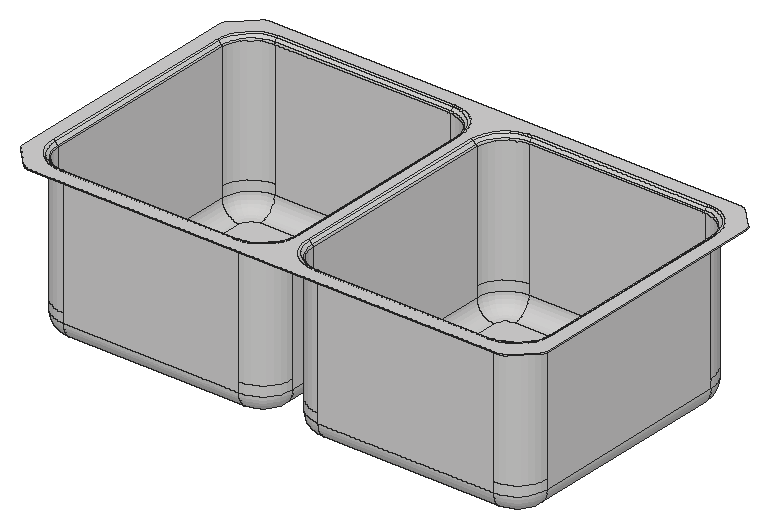
Revit family "Sink-Undermount-Kitchen-KOHLER-Undertone-K-3171_1", category Plumbing Fixtures, host Face, Revit 2017
Family settings
  Host = Face
  Round Connector Dimension = Use Diameter
  Part Type = Normal
  OmniClass Number = 23.31.13.00
  OmniClass Title = Sinks
  Cut with Voids When Loaded = No
  Shared = No
  Room Calculation Point = No
Parameters (values of type "Without Sink Rack, NA-Stainless")
  Width = 18"  # constant formula
  WaterSense Certified = 1 = 0  # no
  Waste Water Outlet 2 = "Waste Water Outlet 2"  # constant formula
  Waste Water Outlet 1 = "Waste Water Outlet 1"  # constant formula
  Waste Water Outlet = "Waste Water Outlet"  # constant formula
  Waste Connection = 1 = 1  # yes
  Vent Connection = 1 = 0  # no
  URL = "https://www.us.kohler.com/us/"
  Type = 1
  Sink Rack = Type = 2  # no
  Product Page URL = "http://www.us.kohler.com/us/catalog/productDetails.jsp?productId=3171"
  Product Name = if(Type = 1, "Undertone", if(Type = 2, "Undertone Preserve", "NA"))  # "Undertone"
  Product Documentation Link = "https://www.us.kohler.com/webassets/kpna/catalog/pdf/en/K-3171_spec_US-CA_Kohler_en.pdf"
  Model = if(Type = 1, "K-3171-NA", if(Type = 2, "K-3171-HCF-NA", "NA"))  # "K-3171-NA"
  Material = "Premium 18-Gauge Stainless Steel"  # constant formula
  Master Format 2014 Name = "Residential Lavatories and Sinks"  # constant formula
  Master Format 2014 = "22 41 16"  # constant formula
  Manufacturer Address = "444 Highland Dr, Kohler, WI 53044"  # constant formula
  Manufacturer = "KOHLER Co."  # constant formula
  Length = 31 1/2"  # constant formula
  Hot Water Inlet = "Hot Water Inlet"  # constant formula
  Height = 9 3/4"  # constant formula
  HW Connection = 1 = 0  # no
  Finish = Kohler-Metal-NA-Stainless
  Environmental Product Declaration = ""
  Drain Included = 1 = 0  # no
  Description = "31-1/2inch x 18inch x 9-3/4inch Undermount double-equal bowl kitchen sink"  # constant formula
  Default Elevation = 36"
  Declare Label = ""
  Date Modified = "09/23/2020"  # constant formula
  Date Created = "09/23/2020"  # constant formula
  Copyright = "Copyright KOHLER Co."  # constant formula
  Contact Us = "https://www.us.kohler.com/us/static/contact.jsp"
  Cold Water Inlet = "Cold Water Inlet"  # constant formula
  CW Connection = 1 = 0  # no
  Assembly Code = "D2010400"
  ADA Compliant = 1 = 0  # no
Reference planes (in)
  plane 1 "Center (Front/Back)": y = 0
  plane 2: z = 0
  plane 3 "Center (Left/Right)": x = 0
  plane 4: z = -1
  plane 5: y = 2.875
  plane 6: x = -15.75
  plane 7: y = 9
  plane 8: x = 15.75
  plane 9: y = -9
  plane 10: y = -7.875
  plane 11: y = 7.875
  plane 12: x = 7.625
  plane 13: x = -7.625
  plane 14: z = -10.75
  plane 15: y = 7.92455
  plane 16: y = -7.92455
Forms (in)
  Extrusion 1, void
    sketch origin (0, 0, 0) x (1, 0, 0) y (0, 1, 0)
      loop
        line (13.15372, 8.15411) -> (-13.15372, 8.15411)
        arc (-13.15372, 8.15411) -> (-14.39116, 7.64154) -> (-14.90372, 6.40411) r 1.75
        line (-14.90372, 6.40411) -> (-14.90372, -6.40411)
        arc (-14.90372, -6.40411) -> (-14.39116, -7.64154) -> (-13.15372, -8.15411) r 1.75
        line (-13.15372, -8.15411) -> (13.15372, -8.15411)
        arc (13.15372, -8.15411) -> (14.39116, -7.64154) -> (14.90372, -6.40411) r 1.75
        line (14.90372, -6.40411) -> (14.90372, 6.40411)
        arc (14.90372, 6.40411) -> (14.39116, 7.64154) -> (13.15372, 8.15411) r 1.75
    from 0 to -1
  Extrusion 2, void
    sketch origin (0, 0, 0) x (1, 0, 0) y (0, 1, 0)
      loop
        arc (-15.75, -7.39147) -> (-15.71194, -7.58281) -> (-15.60355, -7.74502) r 0.5
        line (-15.60355, -7.74502) -> (-14.50306, -8.84552)
        arc (-14.50306, -8.84552) -> (-14.33195, -8.95985) -> (-14.1301, -9) r 0.52744
        line (-14.1301, -9) -> (14.1301, -9)
        arc (14.1301, -9) -> (14.33195, -8.95985) -> (14.50306, -8.84552) r 0.52744
        line (14.50306, -8.84552) -> (15.60355, -7.74502)
        arc (15.60355, -7.74502) -> (15.71194, -7.58281) -> (15.75, -7.39147) r 0.5
        line (15.75, -7.39147) -> (15.75, 7.39147)
        arc (15.75, 7.39147) -> (15.71194, 7.58281) -> (15.60355, 7.74502) r 0.5
        line (15.60355, 7.74502) -> (14.50306, 8.84552)
        arc (14.50306, 8.84552) -> (14.33195, 8.95985) -> (14.1301, 9) r 0.52744
        line (14.1301, 9) -> (-14.1301, 9)
        arc (-14.1301, 9) -> (-14.33195, 8.95985) -> (-14.50306, 8.84552) r 0.52744
        line (-14.50306, 8.84552) -> (-15.60355, 7.74502)
        arc (-15.60355, 7.74502) -> (-15.71194, 7.58281) -> (-15.75, 7.39147) r 0.5
        line (-15.75, 7.39147) -> (-15.75, -7.39147)
    from -1 to -10.85658
Dimensions and locks (in)
  host face to plane 4 = 1"
  "Length": plane 6 to plane 8
  locked: plane 13 to plane 12 at 15.25
  locked: plane 6 to plane 13 at 8.125
  plane 12 to plane 8 = 8 1/8"
  locked: plane 7 to plane 5 at 6.125
  locked: plane 11 to plane 7 at 1.125
  "Width": plane 9 to plane 7
  locked: plane 1 "Center (Front/Back)" to plane 7 at 9
  locked: level to plane 4 at 1
  "Height": plane 14 to plane 4
  aligned and locked: plane 2 to host face
  aligned and locked: level to host face
  aligned and locked: plane 4 to nested 1
Automatic sketch dimensions
  host sketch curve to host sketch curve = 96"  (x2)
  Extrusion 1 sketch curve to plane 6 = 0.84628"
  Extrusion 1 sketch curve to Extrusion 1 sketch curve = 1 3/4"  (x2)
  Extrusion 1 sketch curve to plane 10 = 0.27911"
  Extrusion 1 sketch curve to plane 8 = 2.59628"  (x2)
  Extrusion 1 sketch curve to plane 8 = 0.84628"
  plane 11 to Extrusion 1 sketch curve = 1.47089"
  Extrusion 2 sketch curve to plane 6 = 0"
  plane 9 to Extrusion 2 sketch curve = 0"
  plane 7 to Extrusion 2 sketch curve = 0"
  Extrusion 2 sketch curve to plane 8 = 0"
  Extrusion 2 sketch curve to plane 6 = 0.14645"  (x2)
  Extrusion 2 sketch curve to Extrusion 2 sketch curve = 1/2"  (x3)
  Extrusion 2 sketch curve to Extrusion 2 sketch curve = 0.35355"
  Extrusion 2 sketch curve to plane 9 = 0.15448"  (x2)
  Extrusion 2 sketch curve to plane 6 = 1.24694"  (x2)
  plane 7 to Extrusion 2 sketch curve = 0.15448"  (x2)
  Extrusion 2 sketch curve to Extrusion 2 sketch curve = 0.37296"  (x3)
  Extrusion 2 sketch curve to plane 8 = 1.6199"  (x2)
  plane 7 to Extrusion 2 sketch curve = 0.52744"
  Extrusion 2 sketch curve to plane 8 = 0.14645"  (x2)
  plane 10 to Extrusion 2 sketch curve = 0.12998"  (x2)
  plane 11 to Extrusion 2 sketch curve = 0.48353"  (x2)
Nested families (in)
  nested 1: "K-3171" at (0, 2.875, -1), type "K-3171"
Connectors (in)
  piping at (-7.625, 2.875, -10.75), diameter 1.5, driven by "Waste Connection", driven by "Waste Water Outlet 1"
    settings: on nested 1, index 1, connector inside diameter 24", connector length 0", flow factor 0, pipe flow 0 GPM, pressure drop 0.00 psi, fitting loss kfactor 0, connector angle 0.00°, fixture units 0, engagement length 0", angle of deflection 0.00°, flow configuration 0, flow direction 2, fitting loss method 0, system type 16, joint type 0, gender type 0, connector reference index -1, connector utility 1, adjustable connector no, is connector primary yes, connector description "Waste Water Outlet 1"
  piping at (7.625, 2.875, -10.75), diameter 1.5, driven by "Waste Connection", driven by "Waste Water Outlet 2"
    settings: on nested 1, index 2, connector inside diameter 24", connector length 0", flow factor 0, pipe flow 0 GPM, pressure drop 0.00 psi, fitting loss kfactor 0, connector angle 0.00°, fixture units 0, engagement length 0", angle of deflection 0.00°, flow configuration 0, flow direction 2, fitting loss method 0, system type 16, joint type 0, gender type 0, connector reference index -1, connector utility 1, adjustable connector no, is connector primary no, connector description "Waste Water Outlet 2"
Definition of nested family "K-3171"
  Parameters (values of type "K-3171")
    Sink_Rack_Lines = not(Sink_Rack)  # no
    Sink_Rack = yes
    Material = none
  Reference planes (in)
    plane 1 "Center (Front/Back)": y = 0
    plane 2: z = 0
    plane 3 "Center (Left/Right)": x = 0
    plane 4: x = -15.75
    plane 5: x = 15.75
    plane 6: y = 6.125
    plane 7: y = 5
    plane 8: y = -11.875
    plane 9: y = -2.875
    plane 10 "A": x = -7.625
    plane 11: x = 7.625
    plane 12 "sink Top": z = -1
    plane 13: z = -9.75
    plane 14: y = -10.75
    plane 15: y = 2.36831
    plane 16: z = 0
    plane 17: y = 5.04955
    plane 18: y = -10.79955
    plane 19 "Sink Bottom": z = -8.81801
  Forms (in)
    Sweep 1, solid, material <- "Material", detail levels medium+fine
      path origin (0, 0, 0) x (1, 0, 0) y (0, 1, 0)
        loop
          arc (-12.875, 5) -> (-14.11244, 4.48744) -> (-14.625, 3.25) r 1.75
          line (-14.625, 3.25) -> (-14.625, -9)
          arc (-14.625, -9) -> (-14.11244, -10.23744) -> (-12.875, -10.75) r 1.75
          line (-12.875, -10.75) -> (-2.375, -10.75)
          arc (-2.375, -10.75) -> (-1.13756, -10.23744) -> (-0.625, -9) r 1.75
          line (-0.625, -9) -> (-0.625, 3.25)
          arc (-0.625, 3.25) -> (-1.13756, 4.48744) -> (-2.375, 5) r 1.75
          line (-2.375, 5) -> (-12.875, 5)
      profile origin (-7.625, 5, 0) x (0, 1, 0) y (0, 0, 1)
        loop
          line (0.04898, -7.78987) -> (0.04898, -0.31269)
          arc (0.04898, -0.31269) -> (0.05703, -0.27224) -> (0.07994, -0.23794) r 0.10571
          line (0.07994, -0.23794) -> (0.24029, -0.07759)
          arc (0.24029, -0.07759) -> (0.27307, -0.05569) -> (0.31173, -0.048) r 0.10102
          line (0.31173, -0.048) -> (0.34849, -0.048) -> (0.34849, 0) -> (0.31626, 0)
          arc (0.31626, 0) -> (0.25504, -0.01218) -> (0.20315, -0.04685) r 0.15996
          line (0.20315, -0.04685) -> (0.04381, -0.20619)
          arc (0.04381, -0.20619) -> (0.01211, -0.25363) -> (0.00098, -0.30959) r 0.14623
          line (0.00098, -0.30959) -> (0.00098, -7.78987) -> (0.00098, -8.39627)
          arc (0.00098, -8.39627) -> (-0.30248, -9.12889) -> (-1.0351, -9.43235) r 1.03608
          line (-1.0351, -9.43235) -> (-1.16677, -9.43235) -> (-1.16677, -9.47927) -> (-1.06561, -9.47927)
          arc (-1.06561, -9.47927) -> (-0.27748, -9.15282) -> (0.04898, -8.36468) r 1.11459
          line (0.04898, -8.36468) -> (0.04898, -7.78987)
    Extrusion 2, solid, material <- "Material", detail levels medium+fine
      sketch origin (0, 0, 0) x (1, 0, 0) y (0, 1, 0)
        loop
          arc (-12.875, 3.83323) -> (-13.28741, 3.66241) -> (-13.45823, 3.25) r 0.58323
          line (-13.45823, 3.25) -> (-13.45823, -9)
          arc (-13.45823, -9) -> (-13.28741, -9.41241) -> (-12.875, -9.58323) r 0.58323
          line (-12.875, -9.58323) -> (-2.375, -9.58323)
          arc (-2.375, -9.58323) -> (-1.96259, -9.41241) -> (-1.79177, -9) r 0.58323
          line (-1.79177, -9) -> (-1.79177, 3.25)
          arc (-1.79177, 3.25) -> (-1.96259, 3.66241) -> (-2.375, 3.83323) r 0.58323
          line (-2.375, 3.83323) -> (-12.875, 3.83323)
      from -9.43235 to -9.47927
    Blend 3, solid, material <- "Material", detail levels medium+fine
      base sketch origin (0, 0, 0) x (1, 0, 0) y (0, 1, 0)
        loop
          line (-2.375, 3.83323) -> (-12.875, 3.83323)
          arc (-12.875, 3.83323) -> (-13.28741, 3.66241) -> (-13.45823, 3.25) r 0.58323
          line (-13.45823, 3.25) -> (-13.45823, -9)
          arc (-13.45823, -9) -> (-13.28741, -9.41241) -> (-12.875, -9.58323) r 0.58323
          line (-12.875, -9.58323) -> (-2.375, -9.58323)
          arc (-2.375, -9.58323) -> (-1.96259, -9.41241) -> (-1.79177, -9) r 0.58323
          line (-1.79177, -9) -> (-1.79177, 3.25)
          arc (-1.79177, 3.25) -> (-1.96259, 3.66241) -> (-2.375, 3.83323) r 0.58323
      top sketch origin (0, 0, 0) x (1, 0, 0) y (0, 1, 0)
        loop
          arc (-9.2613, 1.71214) -> (-9.48512, 1.46591) -> (-9.67221, 1.19073) r 2.36831
          arc (-9.67221, 1.19073) -> (-9.98685, -0.17488) -> (-9.47452, -1.47926) r 2.36831
          arc (-9.47452, -1.47926) -> (-9.28914, -1.6851) -> (-9.08099, -1.86789) r 2.36831
          arc (-9.08099, -1.86789) -> (-7.45191, -2.36198) -> (-5.91226, -1.63568) r 2.36831
          arc (-5.91226, -1.63568) -> (-5.78464, -1.49063) -> (-5.66926, -1.33566) r 2.36831
          arc (-5.66926, -1.33566) -> (-5.25826, 0.08628) -> (-5.77171, 1.47452) r 2.36831
          arc (-5.77171, 1.47452) -> (-5.98064, 1.70441) -> (-6.21787, 1.90497) r 2.36831
          arc (-6.21787, 1.90497) -> (-7.77475, 2.36358) -> (-9.2613, 1.71214) r 2.36831
      from -9.47927 to -9.55324
    Revolve 4, solid, material <- "Material", detail levels medium+fine
      sketch origin (-7.625, 0, 0) x (0, 1, 0) y (0, 0, 1)
        loop
          line (0, -9.55324) -> (0, -9.75) -> (1.86047, -9.75)
          arc (1.86047, -9.75) -> (1.9848, -9.74021) -> (2.10608, -9.7111) r 0.79482
          line (2.10608, -9.7111) -> (2.25245, -9.66354)
          arc (2.25245, -9.66354) -> (2.28655, -9.64617) -> (2.31361, -9.61911) r 0.12231
          line (2.31361, -9.61911) -> (2.36146, -9.55324) -> (0, -9.55324)
        axis (0, -9.55324) -> (0, -9.75)
      angle from 0 to 360
    Revolve 5, void
      sketch origin (-7.625, 0, 0) x (0, 1, 0) y (0, 0, 1)
        loop
          arc (-2.46767, -9.43235) -> (-2.20022, -9.45831) -> (-1.94275, -9.53523) r 1.39055
          arc (-1.94275, -9.53523) -> (-1.8625, -9.57657) -> (-1.79079, -9.63139) r 0.51032
          arc (-1.79079, -9.63139) -> (-1.67422, -9.70383) -> (-1.53933, -9.72912) r 0.37238
          line (-1.53933, -9.72912) -> (-0.20699, -9.72912) -> (0, -9.72912) -> (0, -9.43235) -> (-2.46767, -9.43235)
        axis (0, -9.72912) -> (0, -9.43235)
      angle from 0 to 360
    Revolve 6, solid, detail levels medium+fine
      sketch origin (-7.625, 0, 0) x (0, 1, 0) y (0, 0, 1)
        loop
          line (0, -9.27811) -> (0, -9.69816) -> (1.50621, -9.69816)
          arc (1.50621, -9.69816) -> (1.53904, -9.68462) -> (1.5528, -9.65188) r 0.04659
          arc (1.5528, -9.65188) -> (1.59599, -9.53013) -> (1.70536, -9.46137) r 0.19685
          line (1.70536, -9.46137) -> (1.91158, -9.41376)
          arc (1.91158, -9.41376) -> (1.93979, -9.37385) -> (1.90333, -9.34132) r 0.03669
          line (1.90333, -9.34132) -> (1.81824, -9.34132)
          arc (1.81824, -9.34132) -> (1.62611, -9.41517) -> (1.53292, -9.59869) r 0.28684
          arc (1.53292, -9.59869) -> (1.5178, -9.62846) -> (1.48663, -9.64044) r 0.04653
          line (1.48663, -9.64044) -> (0.1536, -9.64044) -> (0.1536, -9.47496) -> (0.2662, -9.47496)
          arc (0.2662, -9.47496) -> (0.30126, -9.46043) -> (0.31579, -9.42537) r 0.04959
          line (0.31579, -9.42537) -> (0.31579, -9.32798)
          arc (0.31579, -9.32798) -> (0.30118, -9.29271) -> (0.26592, -9.27811) r 0.04987
          line (0.26592, -9.27811) -> (0, -9.27811)
        axis (0, -9.27811) -> (0, -9.69816)
      angle from 0 to 360
    Sweep 7, solid, material <- "Material", detail levels medium+fine
      path origin (15.25, 0, 0) x (1, 0, 0) y (0, 1, 0)
        loop
          arc (-12.875, 5) -> (-14.11244, 4.48744) -> (-14.625, 3.25) r 1.75
          line (-14.625, 3.25) -> (-14.625, -9)
          arc (-14.625, -9) -> (-14.11244, -10.23744) -> (-12.875, -10.75) r 1.75
          line (-12.875, -10.75) -> (-2.375, -10.75)
          arc (-2.375, -10.75) -> (-1.13756, -10.23744) -> (-0.625, -9) r 1.75
          line (-0.625, -9) -> (-0.625, 3.25)
          arc (-0.625, 3.25) -> (-1.13756, 4.48744) -> (-2.375, 5) r 1.75
          line (-2.375, 5) -> (-12.875, 5)
      profile origin (7.625, 5, 0) x (0, 1, 0) y (0, 0, 1)
        loop
          line (0.04898, -7.78987) -> (0.04898, -0.31269)
          arc (0.04898, -0.31269) -> (0.05703, -0.27224) -> (0.07994, -0.23794) r 0.10571
          line (0.07994, -0.23794) -> (0.24029, -0.07759)
          arc (0.24029, -0.07759) -> (0.27307, -0.05569) -> (0.31173, -0.048) r 0.10102
          line (0.31173, -0.048) -> (0.34849, -0.048) -> (0.34849, 0) -> (0.31626, 0)
          arc (0.31626, 0) -> (0.25504, -0.01218) -> (0.20315, -0.04685) r 0.15996
          line (0.20315, -0.04685) -> (0.04381, -0.20619)
          arc (0.04381, -0.20619) -> (0.01211, -0.25363) -> (0.00098, -0.30959) r 0.14623
          line (0.00098, -0.30959) -> (0.00098, -7.78987) -> (0.00098, -8.39627)
          arc (0.00098, -8.39627) -> (-0.30248, -9.12889) -> (-1.0351, -9.43235) r 1.03608
          line (-1.0351, -9.43235) -> (-1.16677, -9.43235) -> (-1.16677, -9.47927) -> (-1.06561, -9.47927)
          arc (-1.06561, -9.47927) -> (-0.27748, -9.15282) -> (0.04898, -8.36468) r 1.11459
          line (0.04898, -8.36468) -> (0.04898, -7.78987)
    Blend 8, solid, material <- "Material", detail levels medium+fine
      base sketch origin (15.25, 0, 0) x (1, 0, 0) y (0, 1, 0)
        loop
          line (-2.375, 3.83323) -> (-12.875, 3.83323)
          arc (-12.875, 3.83323) -> (-13.28741, 3.66241) -> (-13.45823, 3.25) r 0.58323
          line (-13.45823, 3.25) -> (-13.45823, -9)
          arc (-13.45823, -9) -> (-13.28741, -9.41241) -> (-12.875, -9.58323) r 0.58323
          line (-12.875, -9.58323) -> (-2.375, -9.58323)
          arc (-2.375, -9.58323) -> (-1.96259, -9.41241) -> (-1.79177, -9) r 0.58323
          line (-1.79177, -9) -> (-1.79177, 3.25)
          arc (-1.79177, 3.25) -> (-1.96259, 3.66241) -> (-2.375, 3.83323) r 0.58323
      top sketch origin (15.25, 0, 0) x (1, 0, 0) y (0, 1, 0)
        loop
          arc (-9.2613, 1.71214) -> (-9.48512, 1.46591) -> (-9.67221, 1.19073) r 2.36831
          arc (-9.67221, 1.19073) -> (-9.98685, -0.17488) -> (-9.47452, -1.47926) r 2.36831
          arc (-9.47452, -1.47926) -> (-9.28914, -1.6851) -> (-9.08099, -1.86789) r 2.36831
          arc (-9.08099, -1.86789) -> (-7.45191, -2.36198) -> (-5.91226, -1.63568) r 2.36831
          arc (-5.91226, -1.63568) -> (-5.78464, -1.49063) -> (-5.66926, -1.33566) r 2.36831
          arc (-5.66926, -1.33566) -> (-5.25826, 0.08628) -> (-5.77171, 1.47452) r 2.36831
          arc (-5.77171, 1.47452) -> (-5.98064, 1.70441) -> (-6.21787, 1.90497) r 2.36831
          arc (-6.21787, 1.90497) -> (-7.77475, 2.36358) -> (-9.2613, 1.71214) r 2.36831
      from -9.47927 to -9.55324
    Extrusion 9, solid, material <- "Material", detail levels medium+fine
      sketch origin (15.25, 0, 0) x (1, 0, 0) y (0, 1, 0)
        loop
          arc (-12.875, 3.83323) -> (-13.28741, 3.66241) -> (-13.45823, 3.25) r 0.58323
          line (-13.45823, 3.25) -> (-13.45823, -9)
          arc (-13.45823, -9) -> (-13.28741, -9.41241) -> (-12.875, -9.58323) r 0.58323
          line (-12.875, -9.58323) -> (-2.375, -9.58323)
          arc (-2.375, -9.58323) -> (-1.96259, -9.41241) -> (-1.79177, -9) r 0.58323
          line (-1.79177, -9) -> (-1.79177, 3.25)
          arc (-1.79177, 3.25) -> (-1.96259, 3.66241) -> (-2.375, 3.83323) r 0.58323
          line (-2.375, 3.83323) -> (-12.875, 3.83323)
      from -9.43235 to -9.47927
    Extrusion 10, solid, material <- "Material", detail levels medium+fine
      sketch origin (0, 0, 0) x (1, 0, 0) y (0, 1, 0)
        loop
          arc (-14.1348, 6.125) -> (-14.33362, 6.08545) -> (-14.50217, 5.97283) r 0.51953
          line (-14.50217, 5.97283) -> (-15.59806, 4.87694)
          arc (-15.59806, 4.87694) -> (-15.71051, 4.70864) -> (-15.75, 4.51012) r 0.51876
          line (-15.75, 4.51012) -> (-15.75, -10.2598)
          arc (-15.75, -10.2598) -> (-15.71045, -10.45862) -> (-15.59783, -10.62717) r 0.51953
          line (-15.59783, -10.62717) -> (-14.50217, -11.72283)
          arc (-14.50217, -11.72283) -> (-14.33362, -11.83545) -> (-14.1348, -11.875) r 0.51953
          line (-14.1348, -11.875) -> (14.1348, -11.875)
          arc (14.1348, -11.875) -> (14.33362, -11.83545) -> (14.50217, -11.72283) r 0.51953
          line (14.50217, -11.72283) -> (15.59741, -10.62759)
          arc (15.59741, -10.62759) -> (15.71034, -10.45857) -> (15.75, -10.25921) r 0.52097
          line (15.75, -10.25921) -> (15.75, 4.5098)
          arc (15.75, 4.5098) -> (15.71045, 4.70862) -> (15.59783, 4.87717) r 0.51953
          line (15.59783, 4.87717) -> (14.50217, 5.97283)
          arc (14.50217, 5.97283) -> (14.33362, 6.08545) -> (14.1348, 6.125) r 0.51953
          line (14.1348, 6.125) -> (-14.1348, 6.125)
        loop
          arc (-0.27651, 3.25) -> (-0.89114, 4.73386) -> (-2.375, 5.34849) r 2.09849
          line (-2.375, 5.34849) -> (-12.875, 5.34849)
          arc (-12.875, 5.34849) -> (-14.35886, 4.73386) -> (-14.97349, 3.25) r 2.09849
          line (-14.97349, 3.25) -> (-14.97349, -9)
          arc (-14.97349, -9) -> (-14.35886, -10.48386) -> (-12.875, -11.09849) r 2.09849
          line (-12.875, -11.09849) -> (-2.375, -11.09849)
          arc (-2.375, -11.09849) -> (-0.89114, -10.48386) -> (-0.27651, -9) r 2.09849
          line (-0.27651, -9) -> (-0.27651, 3.25)
        loop
          arc (2.375, 5.34849) -> (0.89114, 4.73386) -> (0.27651, 3.25) r 2.09849
          line (0.27651, 3.25) -> (0.27651, -9)
          arc (0.27651, -9) -> (0.89114, -10.48386) -> (2.375, -11.09849) r 2.09849
          line (2.375, -11.09849) -> (12.875, -11.09849)
          arc (12.875, -11.09849) -> (14.35886, -10.48386) -> (14.97349, -9) r 2.09849
          line (14.97349, -9) -> (14.97349, 3.25)
          arc (14.97349, 3.25) -> (14.35886, 4.73386) -> (12.875, 5.34849) r 2.09849
          line (12.875, 5.34849) -> (2.375, 5.34849)
      from 0 to -0.048
    Sweep 11, solid, visible <- "Sink_Rack", detail levels medium+fine
      path origin (0, 0, 0) x (1, 0, 0) y (0, 1, 0)
        loop
          arc (-12.75056, 4.73832) -> (-13.88303, 4.26923) -> (-14.35212, 3.13675) r 1.60156
          line (-14.35212, 3.13675) -> (-14.35212, -8.83188)
          arc (-14.35212, -8.83188) -> (-13.88336, -9.96357) -> (-12.75167, -10.43233) r 1.60045
          line (-12.75167, -10.43233) -> (-2.51888, -10.43233)
          arc (-2.51888, -10.43233) -> (-1.38641, -9.96325) -> (-0.91732, -8.83077) r 1.60156
          line (-0.91732, -8.83077) -> (-0.91732, 3.13675)
          arc (-0.91732, 3.13675) -> (-1.38641, 4.26923) -> (-2.51888, 4.73832) r 1.60156
          line (-2.51888, 4.73832) -> (-12.75056, 4.73832)
      profile origin (-7.63472, 4.73832, 0) x (0, 1, 0) y (0, 0, 1)
        loop
          circle (-0.0945, -8.20796) r 0.09375
    Extrusion 12, solid, visible <- "Sink_Rack", detail levels medium+fine
      sketch origin (-7.625, 0, 0) x (0, 1, 0) y (0, 0, 1)
        loop
          circle (3.57109, -8.35574) r 0.05469
        loop
          circle (-9.25859, -8.35574) r 0.05469
      from -6.61885 to 6.59491
    Extrusion 13, solid, visible <- "Sink_Rack", detail levels medium+fine
      sketch origin (-7.625, 0, 0) x (0, 1, 0) y (0, 0, 1)
        loop
          circle (4.27862, -8.35377) r 0.05344
        loop
          circle (-9.97003, -8.35377) r 0.05344
      from -6.04938 to 6.10502
    Extrusion 14, solid, visible <- "Sink_Rack", detail levels medium+fine
      sketch origin (-7.625, 0, 0) x (0, 1, 0) y (0, 0, 1)
        loop
          circle (2.86023, -8.35468) r 0.05469
        loop
          circle (2.1504, -8.35468) r 0.05469
        loop
          circle (1.4305, -8.35468) r 0.05469
        loop
          circle (0.71901, -8.35468) r 0.05469
        loop
          circle (0.00977, -8.35468) r 0.05469
        loop
          circle (-0.70099, -8.35468) r 0.05469
        loop
          circle (-1.41039, -8.35468) r 0.05469
        loop
          circle (-2.12914, -8.35468) r 0.05469
        loop
          circle (-8.51648, -8.35468) r 0.05469
        loop
          circle (-7.80665, -8.35468) r 0.05469
        loop
          circle (-7.08675, -8.35468) r 0.05469
        loop
          circle (-6.37526, -8.35468) r 0.05469
        loop
          circle (-5.66602, -8.35468) r 0.05469
        loop
          circle (-4.95526, -8.35468) r 0.05469
        loop
          circle (-4.24586, -8.35468) r 0.05469
        loop
          circle (-3.52711, -8.35468) r 0.05469
        loop
          circle (-2.8384, -8.35468) r 0.05469
      from -6.60717 to 6.59491
    Extrusion 15, void
      sketch origin (0, 0, 0) x (1, 0, 0) y (0, 1, 0)
        loop
          circle (-7.625, 0) r 2.11759
      from -8.74433 to -7.73806
    Sweep 16, solid, visible <- "Sink_Rack", detail levels medium+fine
      path origin (0, 0, 0) x (1, 0, 0) y (0, 1, 0)
        loop
          circle (-7.625, 0) r 2.20256
      profile origin (-7.625, 2.20256, 0) x (0, -1, 0) y (0, 0, 1)
        loop
          circle (0.10058, -8.20931) r 0.09375
    Extrusion 17, solid, visible <- "Sink_Rack", detail levels medium+fine
      sketch origin (0, 0, 0) x (1, 0, 0) y (0, 0, 1)
        loop
          circle (-9.75862, -8.39257) r 0.09375
        loop
          circle (-5.50862, -8.39257) r 0.09375
      from -4.63708 to 10.36138
    Extrusion 18, solid, visible <- "Sink_Rack", detail levels medium+fine
      sketch origin (0, 0, 0) x (1, 0, 0) y (0, 0, 1)
        loop
          circle (-14.30842, -8.2099) r 0.33203
        loop
          circle (-0.94158, -8.2099) r 0.33203
      from 8.28657 to 8.82134
    Extrusion 19, solid, visible <- "Sink_Rack", detail levels medium+fine
      sketch origin (0, -5.75, 0) x (1, 0, 0) y (0, 0, -1)
        loop
          circle (-14.30842, 8.2099) r 0.33203
        loop
          circle (-0.94158, 8.2099) r 0.33203
      from 8.28657 to 8.75
    Revolve 20, solid, material <- "Material", detail levels medium+fine
      sketch origin (7.625, 0, 0) x (0, 1, 0) y (0, 0, -1)
        loop
          line (0, 9.55324) -> (2.36146, 9.55324) -> (2.31361, 9.61911)
          arc (2.31361, 9.61911) -> (2.28655, 9.64617) -> (2.25245, 9.66354) r 0.12231
          line (2.25245, 9.66354) -> (2.10608, 9.7111)
          arc (2.10608, 9.7111) -> (1.9848, 9.74021) -> (1.86047, 9.75) r 0.79482
          line (1.86047, 9.75) -> (0, 9.75) -> (0, 9.55324)
        axis (0, 9.55324) -> (0, 9.75)
      angle from 0 to 360
    Revolve 21, solid, detail levels medium+fine
      sketch origin (7.625, 0, 0) x (0, 1, 0) y (0, 0, -1)
        loop
          line (0, 9.27811) -> (0.26592, 9.27811)
          arc (0.26592, 9.27811) -> (0.30118, 9.29271) -> (0.31579, 9.32798) r 0.04987
          line (0.31579, 9.32798) -> (0.31579, 9.42537)
          arc (0.31579, 9.42537) -> (0.30126, 9.46043) -> (0.2662, 9.47496) r 0.04959
          line (0.2662, 9.47496) -> (0.1536, 9.47496) -> (0.1536, 9.64044) -> (1.48632, 9.64044)
          arc (1.48632, 9.64044) -> (1.51749, 9.62846) -> (1.5326, 9.59869) r 0.04653
          arc (1.5326, 9.59869) -> (1.6258, 9.41517) -> (1.81793, 9.34132) r 0.28684
          line (1.81793, 9.34132) -> (1.90302, 9.34132)
          arc (1.90302, 9.34132) -> (1.93947, 9.37385) -> (1.91127, 9.41376) r 0.03669
          line (1.91127, 9.41376) -> (1.70505, 9.46137)
          arc (1.70505, 9.46137) -> (1.59568, 9.53013) -> (1.55248, 9.65188) r 0.19685
          arc (1.55248, 9.65188) -> (1.53873, 9.68462) -> (1.5059, 9.69816) r 0.04659
          line (1.5059, 9.69816) -> (0, 9.69816) -> (0, 9.27811)
        axis (0, 9.27811) -> (0, 9.69816)
      angle from 0 to 360
    Revolve 22, void
      sketch origin (7.625, 0, 0) x (0, 1, 0) y (0, 0, -1)
        loop
          line (-2.46767, 9.43235) -> (0, 9.43235) -> (0, 9.72912) -> (-0.20699, 9.72912) -> (-1.53933, 9.72912)
          arc (-1.53933, 9.72912) -> (-1.67422, 9.70383) -> (-1.79079, 9.63139) r 0.37238
          arc (-1.79079, 9.63139) -> (-1.8625, 9.57657) -> (-1.94275, 9.53523) r 0.51032
          arc (-1.94275, 9.53523) -> (-2.20022, 9.45831) -> (-2.46767, 9.43235) r 1.39055
        axis (0, 9.72912) -> (0, 9.43235)
      angle from 0 to 360
    Extrusion 23, void
      sketch origin (0, 0, 0) x (1, 0, 0) y (0, 1, 0)
        loop
          circle (-7.625, 0.62119) r 0.09375
      from -9.57129 to -9.70657
    Extrusion 24, void
      sketch origin (0, 0, 0) x (-1, 0, 0) y (0, -1, 0)
        loop
          circle (-7.625, -0.62119) r 0.09375
      from -9.57129 to -9.70657
    Extrusion 25, void
      sketch origin (1.02156, 3.8125, 0) x (-0.866025, 0.5, 0) y (-0.5, -0.866025, 0)
        loop
          circle (-7.625, -0.62119) r 0.09375
      from -9.57129 to -9.70657
    Extrusion 26, void
      sketch origin (3.8125, 6.60344, 0) x (-0.5, 0.866025, 0) y (-0.866025, -0.5, 0)
        loop
          circle (-7.625, -0.62119) r 0.09375
      from -9.57129 to -9.70657
    Extrusion 27, void
      sketch origin (7.625, 7.625, 0) x (0, 1, 0) y (-1, 0, 0)
        loop
          circle (-7.625, -0.62119) r 0.09375
      from -9.57129 to -9.70657
    Extrusion 28, void
      sketch origin (11.4375, 6.60344, 0) x (0.5, 0.866025, 0) y (-0.866025, 0.5, 0)
        loop
          circle (-7.625, -0.62119) r 0.09375
      from -9.57129 to -9.70657
    Extrusion 29, void
      sketch origin (14.22844, 3.8125, 0) x (0.866025, 0.5, 0) y (-0.5, 0.866025, 0)
        loop
          circle (-7.625, -0.62119) r 0.09375
      from -9.57129 to -9.70657
    Extrusion 30, void
      sketch origin (15.25, 0, 0) x (1, 0, 0) y (0, 1, 0)
        loop
          circle (-7.625, -0.62119) r 0.09375
      from -9.57129 to -9.70657
    Extrusion 31, void
      sketch origin (14.22844, -3.8125, 0) x (0.866025, -0.5, 0) y (0.5, 0.866025, 0)
        loop
          circle (-7.625, -0.62119) r 0.09375
      from -9.57129 to -9.70657
    Extrusion 32, void
      sketch origin (11.4375, -6.60344, 0) x (0.5, -0.866025, 0) y (0.866025, 0.5, 0)
        loop
          circle (-7.625, -0.62119) r 0.09375
      from -9.57129 to -9.70657
    Extrusion 33, void
      sketch origin (7.625, -7.625, 0) x (0, -1, 0) y (1, 0, 0)
        loop
          circle (-7.625, -0.62119) r 0.09375
      from -9.57129 to -9.70657
    Extrusion 34, void
      sketch origin (3.8125, -6.60344, 0) x (-0.5, -0.866025, 0) y (0.866025, -0.5, 0)
        loop
          circle (-7.625, -0.62119) r 0.09375
      from -9.57129 to -9.70657
    Extrusion 35, void
      sketch origin (1.02156, -3.8125, 0) x (-0.866025, -0.5, 0) y (0.5, -0.866025, 0)
        loop
          circle (-7.625, -0.62119) r 0.09375
      from -9.57129 to -9.70657
    Extrusion 36, void
      sketch origin (-1.02156, -3.8125, 0) x (0.866025, -0.5, 0) y (0.5, 0.866025, 0)
        loop
          circle (-7.625, 0.62119) r 0.09375
      from -9.57129 to -9.70657
    Extrusion 37, void
      sketch origin (-3.8125, -6.60344, 0) x (0.5, -0.866025, 0) y (0.866025, 0.5, 0)
        loop
          circle (-7.625, 0.62119) r 0.09375
      from -9.57129 to -9.70657
    Extrusion 38, void
      sketch origin (-7.625, -7.625, 0) x (0, -1, 0) y (1, 0, 0)
        loop
          circle (-7.625, 0.62119) r 0.09375
      from -9.57129 to -9.70657
    Extrusion 39, void
      sketch origin (-11.4375, -6.60344, 0) x (-0.5, -0.866025, 0) y (0.866025, -0.5, 0)
        loop
          circle (-7.625, 0.62119) r 0.09375
      from -9.57129 to -9.70657
    Extrusion 40, void
      sketch origin (-14.22844, -3.8125, 0) x (-0.866025, -0.5, 0) y (0.5, -0.866025, 0)
        loop
          circle (-7.625, 0.62119) r 0.09375
      from -9.57129 to -9.70657
    Extrusion 41, void
      sketch origin (-15.25, 0, 0) x (-1, 0, 0) y (0, -1, 0)
        loop
          circle (-7.625, 0.62119) r 0.09375
      from -9.57129 to -9.70657
    Extrusion 42, void
      sketch origin (-14.22844, 3.8125, 0) x (-0.866025, 0.5, 0) y (-0.5, -0.866025, 0)
        loop
          circle (-7.625, 0.62119) r 0.09375
      from -9.57129 to -9.70657
    Extrusion 43, void
      sketch origin (-11.4375, 6.60344, 0) x (-0.5, 0.866025, 0) y (-0.866025, -0.5, 0)
        loop
          circle (-7.625, 0.62119) r 0.09375
      from -9.57129 to -9.70657
    Extrusion 44, void
      sketch origin (-7.625, 7.625, 0) x (0, 1, 0) y (-1, 0, 0)
        loop
          circle (-7.625, 0.62119) r 0.09375
      from -9.57129 to -9.70657
    Extrusion 45, void
      sketch origin (-3.8125, 6.60344, 0) x (0.5, 0.866025, 0) y (-0.866025, 0.5, 0)
        loop
          circle (-7.625, 0.62119) r 0.09375
      from -9.57129 to -9.70657
    Extrusion 46, void
      sketch origin (-1.02156, 3.8125, 0) x (0.866025, 0.5, 0) y (-0.5, 0.866025, 0)
        loop
          circle (-7.625, 0.62119) r 0.09375
      from -9.57129 to -9.70657
    Extrusion 47, void
      sketch origin (0, 0, 0) x (1, 0, 0) y (0, 1, 0)
        loop
          circle (-7.625, 0.94907) r 0.09375
      from -9.59387 to -9.71625
    Extrusion 48, void
      sketch origin (0, 0, 0) x (-1, 0, 0) y (0, -1, 0)
        loop
          circle (-7.625, -0.94907) r 0.09375
      from -9.59387 to -9.71625
    Extrusion 49, void
      sketch origin (-0.37319, -2.35625, 0) x (0.951057, -0.309017, 0) y (0.309017, 0.951057, 0)
        loop
          circle (-7.625, 0.94907) r 0.09375
      from -9.59387 to -9.71625
    Extrusion 50, void
      sketch origin (-1.45625, -4.48186, 0) x (0.809017, -0.587785, 0) y (0.587785, 0.809017, 0)
        loop
          circle (-7.625, 0.94907) r 0.09375
      from -9.59387 to -9.71625
    Extrusion 51, void
      sketch origin (-3.14314, -6.16875, 0) x (0.587785, -0.809017, 0) y (0.809017, 0.587785, 0)
        loop
          circle (-7.625, 0.94907) r 0.09375
      from -9.59387 to -9.71625
    Extrusion 52, void
      sketch origin (-5.26875, -7.25181, 0) x (0.309017, -0.951057, 0) y (0.951057, 0.309017, 0)
        loop
          circle (-7.625, 0.94907) r 0.09375
      from -9.59387 to -9.71625
    Extrusion 53, void
      sketch origin (-7.625, -7.625, 0) x (0, -1, 0) y (1, 0, 0)
        loop
          circle (-7.625, 0.94907) r 0.09375
      from -9.59387 to -9.71625
    Extrusion 54, void
      sketch origin (-9.98125, -7.25181, 0) x (-0.309017, -0.951057, 0) y (0.951057, -0.309017, 0)
        loop
          circle (-7.625, 0.94907) r 0.09375
      from -9.59387 to -9.71625
    Extrusion 55, void
      sketch origin (-12.10686, -6.16875, 0) x (-0.587785, -0.809017, 0) y (0.809017, -0.587785, 0)
        loop
          circle (-7.625, 0.94907) r 0.09375
      from -9.59387 to -9.71625
    Extrusion 56, void
      sketch origin (-13.79375, -4.48186, 0) x (-0.809017, -0.587785, 0) y (0.587785, -0.809017, 0)
        loop
          circle (-7.625, 0.94907) r 0.09375
      from -9.59387 to -9.71625
    Extrusion 57, void
      sketch origin (-14.87681, -2.35625, 0) x (-0.951057, -0.309017, 0) y (0.309017, -0.951057, 0)
        loop
          circle (-7.625, 0.94907) r 0.09375
      from -9.59387 to -9.71625
    Extrusion 58, void
      sketch origin (-15.25, 0, 0) x (-1, 0, 0) y (0, -1, 0)
        loop
          circle (-7.625, 0.94907) r 0.09375
      from -9.59387 to -9.71625
    Extrusion 59, void
      sketch origin (-14.87681, 2.35625, 0) x (-0.951057, 0.309017, 0) y (-0.309017, -0.951057, 0)
        loop
          circle (-7.625, 0.94907) r 0.09375
      from -9.59387 to -9.71625
    Extrusion 60, void
      sketch origin (-13.79375, 4.48186, 0) x (-0.809017, 0.587785, 0) y (-0.587785, -0.809017, 0)
        loop
          circle (-7.625, 0.94907) r 0.09375
      from -9.59387 to -9.71625
    Extrusion 61, void
      sketch origin (-12.10686, 6.16875, 0) x (-0.587785, 0.809017, 0) y (-0.809017, -0.587785, 0)
        loop
          circle (-7.625, 0.94907) r 0.09375
      from -9.59387 to -9.71625
    Extrusion 62, void
      sketch origin (-9.98125, 7.25181, 0) x (-0.309017, 0.951057, 0) y (-0.951057, -0.309017, 0)
        loop
          circle (-7.625, 0.94907) r 0.09375
      from -9.59387 to -9.71625
    Extrusion 63, void
      sketch origin (-7.625, 7.625, 0) x (0, 1, 0) y (-1, 0, 0)
        loop
          circle (-7.625, 0.94907) r 0.09375
      from -9.59387 to -9.71625
    Extrusion 64, void
      sketch origin (-5.26875, 7.25181, 0) x (0.309017, 0.951057, 0) y (-0.951057, 0.309017, 0)
        loop
          circle (-7.625, 0.94907) r 0.09375
      from -9.59387 to -9.71625
    Extrusion 65, void
      sketch origin (-3.14314, 6.16875, 0) x (0.587785, 0.809017, 0) y (-0.809017, 0.587785, 0)
        loop
          circle (-7.625, 0.94907) r 0.09375
      from -9.59387 to -9.71625
    Extrusion 66, void
      sketch origin (-1.45625, 4.48186, 0) x (0.809017, 0.587785, 0) y (-0.587785, 0.809017, 0)
        loop
          circle (-7.625, 0.94907) r 0.09375
      from -9.59387 to -9.71625
    Extrusion 67, void
      sketch origin (-0.37319, 2.35625, 0) x (0.951057, 0.309017, 0) y (-0.309017, 0.951057, 0)
        loop
          circle (-7.625, 0.94907) r 0.09375
      from -9.59387 to -9.71625
    Extrusion 68, void
      sketch origin (0.37319, 2.35625, 0) x (-0.951057, 0.309017, 0) y (-0.309017, -0.951057, 0)
        loop
          circle (-7.625, -0.94907) r 0.09375
      from -9.59387 to -9.71625
    Extrusion 69, void
      sketch origin (1.45625, 4.48186, 0) x (-0.809017, 0.587785, 0) y (-0.587785, -0.809017, 0)
        loop
          circle (-7.625, -0.94907) r 0.09375
      from -9.59387 to -9.71625
    Extrusion 70, void
      sketch origin (3.14314, 6.16875, 0) x (-0.587785, 0.809017, 0) y (-0.809017, -0.587785, 0)
        loop
          circle (-7.625, -0.94907) r 0.09375
      from -9.59387 to -9.71625
    Extrusion 71, void
      sketch origin (5.26875, 7.25181, 0) x (-0.309017, 0.951057, 0) y (-0.951057, -0.309017, 0)
        loop
          circle (-7.625, -0.94907) r 0.09375
      from -9.59387 to -9.71625
    Extrusion 72, void
      sketch origin (7.625, 7.625, 0) x (0, 1, 0) y (-1, 0, 0)
        loop
          circle (-7.625, -0.94907) r 0.09375
      from -9.59387 to -9.71625
    Extrusion 73, void
      sketch origin (9.98125, 7.25181, 0) x (0.309017, 0.951057, 0) y (-0.951057, 0.309017, 0)
        loop
          circle (-7.625, -0.94907) r 0.09375
      from -9.59387 to -9.71625
    Extrusion 74, void
      sketch origin (12.10686, 6.16875, 0) x (0.587785, 0.809017, 0) y (-0.809017, 0.587785, 0)
        loop
          circle (-7.625, -0.94907) r 0.09375
      from -9.59387 to -9.71625
    Extrusion 75, void
      sketch origin (13.79375, 4.48186, 0) x (0.809017, 0.587785, 0) y (-0.587785, 0.809017, 0)
        loop
          circle (-7.625, -0.94907) r 0.09375
      from -9.59387 to -9.71625
    Extrusion 76, void
      sketch origin (14.87681, 2.35625, 0) x (0.951057, 0.309017, 0) y (-0.309017, 0.951057, 0)
        loop
          circle (-7.625, -0.94907) r 0.09375
      from -9.59387 to -9.71625
    Extrusion 77, void
      sketch origin (15.25, 0, 0) x (1, 0, 0) y (0, 1, 0)
        loop
          circle (-7.625, -0.94907) r 0.09375
      from -9.59387 to -9.71625
    Extrusion 78, void
      sketch origin (14.87681, -2.35625, 0) x (0.951057, -0.309017, 0) y (0.309017, 0.951057, 0)
        loop
          circle (-7.625, -0.94907) r 0.09375
      from -9.59387 to -9.71625
    Extrusion 79, void
      sketch origin (13.79375, -4.48186, 0) x (0.809017, -0.587785, 0) y (0.587785, 0.809017, 0)
        loop
          circle (-7.625, -0.94907) r 0.09375
      from -9.59387 to -9.71625
    Extrusion 80, void
      sketch origin (12.10686, -6.16875, 0) x (0.587785, -0.809017, 0) y (0.809017, 0.587785, 0)
        loop
          circle (-7.625, -0.94907) r 0.09375
      from -9.59387 to -9.71625
    Extrusion 81, void
      sketch origin (9.98125, -7.25181, 0) x (0.309017, -0.951057, 0) y (0.951057, 0.309017, 0)
        loop
          circle (-7.625, -0.94907) r 0.09375
      from -9.59387 to -9.71625
    Extrusion 82, void
      sketch origin (7.625, -7.625, 0) x (0, -1, 0) y (1, 0, 0)
        loop
          circle (-7.625, -0.94907) r 0.09375
      from -9.59387 to -9.71625
    Extrusion 83, void
      sketch origin (5.26875, -7.25181, 0) x (-0.309017, -0.951057, 0) y (0.951057, -0.309017, 0)
        loop
          circle (-7.625, -0.94907) r 0.09375
      from -9.59387 to -9.71625
    Extrusion 84, void
      sketch origin (3.14314, -6.16875, 0) x (-0.587785, -0.809017, 0) y (0.809017, -0.587785, 0)
        loop
          circle (-7.625, -0.94907) r 0.09375
      from -9.59387 to -9.71625
    Extrusion 85, void
      sketch origin (1.45625, -4.48186, 0) x (-0.809017, -0.587785, 0) y (0.587785, -0.809017, 0)
        loop
          circle (-7.625, -0.94907) r 0.09375
      from -9.59387 to -9.71625
    Extrusion 86, void
      sketch origin (0.37319, -2.35625, 0) x (-0.951057, -0.309017, 0) y (0.309017, -0.951057, 0)
        loop
          circle (-7.625, -0.94907) r 0.09375
      from -9.59387 to -9.71625
    Extrusion 87, void
      sketch origin (0, 0, 0) x (1, 0, 0) y (0, 1, 0)
        loop
          circle (-7.625, 1.28717) r 0.09375
      from -9.5815 to -9.69816
    Extrusion 88, void
      sketch origin (0, 0, 0) x (-1, 0, 0) y (0, -1, 0)
        loop
          circle (-7.625, -1.28717) r 0.09375
      from -9.5815 to -9.69816
    Extrusion 89, void
      sketch origin (0.19096, 1.6958, 0) x (-0.974956, 0.222399, 0) y (-0.222399, -0.974956, 0)
        loop
          circle (-7.625, -1.28717) r 0.09375
      from -9.5815 to -9.69816
    Extrusion 90, void
      sketch origin (0.75429, 3.30665, 0) x (-0.901077, 0.433659, 0) y (-0.433659, -0.901077, 0)
        loop
          circle (-7.625, -1.28717) r 0.09375
      from -9.5815 to -9.69816
    Extrusion 91, void
      sketch origin (1.66176, 4.75188, 0) x (-0.782065, 0.623197, 0) y (-0.623197, -0.782065, 0)
        loop
          circle (-7.625, -1.28717) r 0.09375
      from -9.5815 to -9.69816
    Extrusion 92, void
      sketch origin (2.86792, 5.95909, 0) x (-0.62388, 0.78152, 0) y (-0.78152, -0.62388, 0)
        loop
          circle (-7.625, -1.28717) r 0.09375
      from -9.5815 to -9.69816
    Extrusion 93, void
      sketch origin (4.31235, 6.86782, 0) x (-0.434445, 0.900698, 0) y (-0.900698, -0.434445, 0)
        loop
          circle (-7.625, -1.28717) r 0.09375
      from -9.5815 to -9.69816
    Extrusion 94, void
      sketch origin (5.92272, 7.43255, 0) x (-0.22325, 0.974761, 0) y (-0.974761, -0.22325, 0)
        loop
          circle (-7.625, -1.28717) r 0.09375
      from -9.5815 to -9.69816
    Extrusion 95, void
      sketch origin (7.61835, 7.625, 0) x (-0.000873, 1, 0) y (-1, -0.000873, 0)
        loop
          circle (-7.625, -1.28717) r 0.09375
      from -9.5815 to -9.69816
    Extrusion 96, void
      sketch origin (9.31431, 7.43551, 0) x (0.221548, 0.975149, 0) y (-0.975149, 0.221548, 0)
        loop
          circle (-7.625, -1.28717) r 0.09375
      from -9.5815 to -9.69816
    Extrusion 97, void
      sketch origin (10.92565, 6.8736, 0) x (0.432873, 0.901455, 0) y (-0.901455, 0.432873, 0)
        loop
          circle (-7.625, -1.28717) r 0.09375
      from -9.5815 to -9.69816
    Extrusion 98, void
      sketch origin (12.37167, 5.96739, 0) x (0.622515, 0.782608, 0) y (-0.782608, 0.622515, 0)
        loop
          circle (-7.625, -1.28717) r 0.09375
      from -9.5815 to -9.69816
    Extrusion 99, void
      sketch origin (13.57994, 4.76228, 0) x (0.780976, 0.624561, 0) y (-0.624561, 0.780976, 0)
        loop
          circle (-7.625, -1.28717) r 0.09375
      from -9.5815 to -9.69816
    Extrusion 100, void
      sketch origin (14.48993, 3.31864, 0) x (0.900319, 0.435231, 0) y (-0.435231, 0.900319, 0)
        loop
          circle (-7.625, -1.28717) r 0.09375
      from -9.5815 to -9.69816
    Extrusion 101, void
      sketch origin (15.05607, 1.70877, 0) x (0.974566, 0.224101, 0) y (-0.224101, 0.974566, 0)
        loop
          circle (-7.625, -1.28717) r 0.09375
      from -9.5815 to -9.69816
    Extrusion 102, void
      sketch origin (15.24999, 0.01331, 0) x (0.999998, 0.001745, 0) y (-0.001745, 0.999998, 0)
        loop
          circle (-7.625, -1.28717) r 0.09375
      from -9.5815 to -9.69816
    Extrusion 103, void
      sketch origin (15.06199, -1.68282, 0) x (0.975342, -0.220697, 0) y (0.220697, 0.975342, 0)
        loop
          circle (-7.625, -1.28717) r 0.09375
      from -9.5815 to -9.69816
    Extrusion 104, void
      sketch origin (14.50147, -3.29465, 0) x (0.901833, -0.432086, 0) y (0.432086, 0.901833, 0)
        loop
          circle (-7.625, -1.28717) r 0.09375
      from -9.5815 to -9.69816
    Extrusion 105, void
      sketch origin (13.59653, -4.74146, 0) x (0.783151, -0.621831, 0) y (0.621831, 0.783151, 0)
        loop
          circle (-7.625, -1.28717) r 0.09375
      from -9.5815 to -9.69816
    Extrusion 106, void
      sketch origin (12.39248, -5.95078, 0) x (0.625243, -0.78043, 0) y (0.78043, 0.625243, 0)
        loop
          circle (-7.625, -1.28717) r 0.09375
      from -9.5815 to -9.69816
    Extrusion 107, void
      sketch origin (10.94963, -6.86203, 0) x (0.436017, -0.899939, 0) y (0.899939, 0.436017, 0)
        loop
          circle (-7.625, -1.28717) r 0.09375
      from -9.5815 to -9.69816
    Extrusion 108, void
      sketch origin (9.34025, -7.42957, 0) x (0.224951, -0.97437, 0) y (0.97437, 0.224951, 0)
        loop
          circle (-7.625, -1.28717) r 0.09375
      from -9.5815 to -9.69816
    Extrusion 109, void
      sketch origin (7.64496, -7.62497, 0) x (0.002618, -0.999997, 0) y (0.999997, 0.002618, 0)
        loop
          circle (-7.625, -1.28717) r 0.09375
      from -9.5815 to -9.69816
    Extrusion 110, void
      sketch origin (5.94867, -7.43845, 0) x (-0.219846, -0.975535, 0) y (0.975535, -0.219846, 0)
        loop
          circle (-7.625, -1.28717) r 0.09375
      from -9.5815 to -9.69816
    Extrusion 111, void
      sketch origin (4.33635, -6.87935, 0) x (-0.431299, -0.902209, 0) y (0.902209, -0.431299, 0)
        loop
          circle (-7.625, -1.28717) r 0.09375
      from -9.5815 to -9.69816
    Extrusion 112, void
      sketch origin (2.88875, -5.97566, 0) x (-0.621148, -0.783693, 0) y (0.783693, -0.621148, 0)
        loop
          circle (-7.625, -1.28717) r 0.09375
      from -9.5815 to -9.69816
    Extrusion 113, void
      sketch origin (1.67838, -4.77267, 0) x (-0.779884, -0.625923, 0) y (0.625923, -0.779884, 0)
        loop
          circle (-7.625, -1.28717) r 0.09375
      from -9.5815 to -9.69816
    Extrusion 114, void
      sketch origin (0.76587, -3.33061, 0) x (-0.899558, -0.436802, 0) y (0.436802, -0.899558, 0)
        loop
          circle (-7.625, -1.28717) r 0.09375
      from -9.5815 to -9.69816
    Extrusion 115, void
      sketch origin (0.19693, -1.72173, 0) x (-0.974173, -0.225801, 0) y (0.225801, -0.974173, 0)
        loop
          circle (-7.625, -1.28717) r 0.09375
      from -9.5815 to -9.69816
    Extrusion 116, void
      sketch origin (-0.19096, -1.6958, 0) x (0.974956, -0.222399, 0) y (0.222399, 0.974956, 0)
        loop
          circle (-7.625, 1.28717) r 0.09375
      from -9.5815 to -9.69816
    Extrusion 117, void
      sketch origin (-0.75429, -3.30665, 0) x (0.901077, -0.433659, 0) y (0.433659, 0.901077, 0)
        loop
          circle (-7.625, 1.28717) r 0.09375
      from -9.5815 to -9.69816
    Extrusion 118, void
      sketch origin (-1.66176, -4.75188, 0) x (0.782065, -0.623197, 0) y (0.623197, 0.782065, 0)
        loop
          circle (-7.625, 1.28717) r 0.09375
      from -9.5815 to -9.69816
    Extrusion 119, void
      sketch origin (-2.86792, -5.95909, 0) x (0.62388, -0.78152, 0) y (0.78152, 0.62388, 0)
        loop
          circle (-7.625, 1.28717) r 0.09375
      from -9.5815 to -9.69816
    Extrusion 120, void
      sketch origin (-4.31235, -6.86782, 0) x (0.434445, -0.900698, 0) y (0.900698, 0.434445, 0)
        loop
          circle (-7.625, 1.28717) r 0.09375
      from -9.5815 to -9.69816
    Extrusion 121, void
      sketch origin (-5.92272, -7.43255, 0) x (0.22325, -0.974761, 0) y (0.974761, 0.22325, 0)
        loop
          circle (-7.625, 1.28717) r 0.09375
      from -9.5815 to -9.69816
    Extrusion 122, void
      sketch origin (-7.61835, -7.625, 0) x (0.000873, -1, 0) y (1, 0.000873, 0)
        loop
          circle (-7.625, 1.28717) r 0.09375
      from -9.5815 to -9.69816
    Extrusion 123, void
      sketch origin (-9.31431, -7.43551, 0) x (-0.221548, -0.975149, 0) y (0.975149, -0.221548, 0)
        loop
          circle (-7.625, 1.28717) r 0.09375
      from -9.5815 to -9.69816
    Extrusion 124, void
      sketch origin (-10.92565, -6.8736, 0) x (-0.432873, -0.901455, 0) y (0.901455, -0.432873, 0)
        loop
          circle (-7.625, 1.28717) r 0.09375
      from -9.5815 to -9.69816
    Extrusion 125, void
      sketch origin (-12.37167, -5.96739, 0) x (-0.622515, -0.782608, 0) y (0.782608, -0.622515, 0)
        loop
          circle (-7.625, 1.28717) r 0.09375
      from -9.5815 to -9.69816
    Extrusion 126, void
      sketch origin (-13.57994, -4.76228, 0) x (-0.780976, -0.624561, 0) y (0.624561, -0.780976, 0)
        loop
          circle (-7.625, 1.28717) r 0.09375
      from -9.5815 to -9.69816
    Extrusion 127, void
      sketch origin (-14.48993, -3.31864, 0) x (-0.900319, -0.435231, 0) y (0.435231, -0.900319, 0)
        loop
          circle (-7.625, 1.28717) r 0.09375
      from -9.5815 to -9.69816
    Extrusion 128, void
      sketch origin (-15.05607, -1.70877, 0) x (-0.974566, -0.224101, 0) y (0.224101, -0.974566, 0)
        loop
          circle (-7.625, 1.28717) r 0.09375
      from -9.5815 to -9.69816
    Extrusion 129, void
      sketch origin (-15.24999, -0.01331, 0) x (-0.999998, -0.001745, 0) y (0.001745, -0.999998, 0)
        loop
          circle (-7.625, 1.28717) r 0.09375
      from -9.5815 to -9.69816
    Extrusion 130, void
      sketch origin (-15.06199, 1.68282, 0) x (-0.975342, 0.220697, 0) y (-0.220697, -0.975342, 0)
        loop
          circle (-7.625, 1.28717) r 0.09375
      from -9.5815 to -9.69816
    Extrusion 131, void
      sketch origin (-14.50147, 3.29465, 0) x (-0.901833, 0.432086, 0) y (-0.432086, -0.901833, 0)
        loop
          circle (-7.625, 1.28717) r 0.09375
      from -9.5815 to -9.69816
    Extrusion 132, void
      sketch origin (-13.59653, 4.74146, 0) x (-0.783151, 0.621831, 0) y (-0.621831, -0.783151, 0)
        loop
          circle (-7.625, 1.28717) r 0.09375
      from -9.5815 to -9.69816
    Extrusion 133, void
      sketch origin (-12.39248, 5.95078, 0) x (-0.625243, 0.78043, 0) y (-0.78043, -0.625243, 0)
        loop
          circle (-7.625, 1.28717) r 0.09375
      from -9.5815 to -9.69816
    Extrusion 134, void
      sketch origin (-10.94963, 6.86203, 0) x (-0.436017, 0.899939, 0) y (-0.899939, -0.436017, 0)
        loop
          circle (-7.625, 1.28717) r 0.09375
      from -9.5815 to -9.69816
    Extrusion 135, void
      sketch origin (-9.34025, 7.42957, 0) x (-0.224951, 0.97437, 0) y (-0.97437, -0.224951, 0)
        loop
          circle (-7.625, 1.28717) r 0.09375
      from -9.5815 to -9.69816
    Extrusion 136, void
      sketch origin (-7.64496, 7.62497, 0) x (-0.002618, 0.999997, 0) y (-0.999997, -0.002618, 0)
        loop
          circle (-7.625, 1.28717) r 0.09375
      from -9.5815 to -9.69816
    Extrusion 137, void
      sketch origin (-5.94867, 7.43845, 0) x (0.219846, 0.975535, 0) y (-0.975535, 0.219846, 0)
        loop
          circle (-7.625, 1.28717) r 0.09375
      from -9.5815 to -9.69816
    Extrusion 138, void
      sketch origin (-4.33635, 6.87935, 0) x (0.431299, 0.902209, 0) y (-0.902209, 0.431299, 0)
        loop
          circle (-7.625, 1.28717) r 0.09375
      from -9.5815 to -9.69816
    Extrusion 139, void
      sketch origin (-2.88875, 5.97566, 0) x (0.621148, 0.783693, 0) y (-0.783693, 0.621148, 0)
        loop
          circle (-7.625, 1.28717) r 0.09375
      from -9.5815 to -9.69816
    Extrusion 140, void
      sketch origin (-1.67838, 4.77267, 0) x (0.779884, 0.625923, 0) y (-0.625923, 0.779884, 0)
        loop
          circle (-7.625, 1.28717) r 0.09375
      from -9.5815 to -9.69816
    Extrusion 141, void
      sketch origin (-0.76587, 3.33061, 0) x (0.899558, 0.436802, 0) y (-0.436802, 0.899558, 0)
        loop
          circle (-7.625, 1.28717) r 0.09375
      from -9.5815 to -9.69816
    Extrusion 142, void
      sketch origin (-0.19693, 1.72173, 0) x (0.974173, 0.225801, 0) y (-0.225801, 0.974173, 0)
        loop
          circle (-7.625, 1.28717) r 0.09375
      from -9.5815 to -9.69816
    Extrusion 143, solid, material <- "Material", detail levels coarse
      sketch origin (0, 0, 0) x (1, 0, 0) y (0, 1, 0)
        loop
          line (-14.62123, 3.25) -> (-14.62123, -9)
          arc (-14.62123, -9) -> (-14.10867, -10.23744) -> (-12.87123, -10.75) r 1.75
          line (-12.87123, -10.75) -> (-2.37379, -10.75)
          arc (-2.37379, -10.75) -> (-1.13636, -10.23744) -> (-0.62379, -9) r 1.75
          line (-0.62379, -9) -> (-0.62379, 3.25)
          arc (-0.62379, 3.25) -> (-1.13636, 4.48744) -> (-2.37379, 5) r 1.75
          line (-2.37379, 5) -> (-12.87123, 5)
          arc (-12.87123, 5) -> (-14.10867, 4.48744) -> (-14.62123, 3.25) r 1.75
        loop
          arc (2.37379, 5) -> (1.13636, 4.48744) -> (0.62379, 3.25) r 1.75
          line (0.62379, 3.25) -> (0.62379, -9)
          arc (0.62379, -9) -> (1.13636, -10.23744) -> (2.37379, -10.75) r 1.75
          line (2.37379, -10.75) -> (12.87123, -10.75)
          arc (12.87123, -10.75) -> (14.10867, -10.23744) -> (14.62123, -9) r 1.75
          line (14.62123, -9) -> (14.62123, 3.25)
          arc (14.62123, 3.25) -> (14.10867, 4.48744) -> (12.87123, 5) r 1.75
          line (12.87123, 5) -> (2.37379, 5)
      from 0 to -9.55324
    Extrusion 144, void
      sketch origin (0, 0, 0) x (1, 0, 0) y (0, 1, 0)
        loop
          arc (2.37379, 4.8125) -> (1.26894, 4.35485) -> (0.81129, 3.25) r 1.5625
          line (0.81129, 3.25) -> (0.81129, -9)
          arc (0.81129, -9) -> (1.26894, -10.10485) -> (2.37379, -10.5625) r 1.5625
          line (2.37379, -10.5625) -> (12.87123, -10.5625)
          arc (12.87123, -10.5625) -> (13.97609, -10.10485) -> (14.43373, -9) r 1.5625
          line (14.43373, -9) -> (14.43373, 3.25)
          arc (14.43373, 3.25) -> (13.97609, 4.35485) -> (12.87123, 4.8125) r 1.5625
          line (12.87123, 4.8125) -> (2.37379, 4.8125)
        loop
          arc (-12.87123, 4.8125) -> (-13.97609, 4.35485) -> (-14.43373, 3.25) r 1.5625
          line (-14.43373, 3.25) -> (-14.43373, -9)
          arc (-14.43373, -9) -> (-13.97609, -10.10485) -> (-12.87123, -10.5625) r 1.5625
          line (-12.87123, -10.5625) -> (-2.37379, -10.5625)
          arc (-2.37379, -10.5625) -> (-1.26894, -10.10485) -> (-0.81129, -9) r 1.5625
          line (-0.81129, -9) -> (-0.81129, 3.25)
          arc (-0.81129, 3.25) -> (-1.26894, 4.35485) -> (-2.37379, 4.8125) r 1.5625
          line (-2.37379, 4.8125) -> (-12.87123, 4.8125)
      from 0 to -8.67134
    Extrusion 145, solid, material <- "Material", detail levels coarse
      sketch origin (0, 0, 0) x (1, 0, 0) y (0, 1, 0)
        loop
          line (-14.50217, 5.97283) -> (-15.59806, 4.87694)
          arc (-15.59806, 4.87694) -> (-15.71051, 4.70864) -> (-15.75, 4.51012) r 0.51876
          line (-15.75, 4.51012) -> (-15.75, -10.2598)
          arc (-15.75, -10.2598) -> (-15.71045, -10.45862) -> (-15.59783, -10.62717) r 0.51953
          line (-15.59783, -10.62717) -> (-14.50217, -11.72283)
          arc (-14.50217, -11.72283) -> (-14.33362, -11.83545) -> (-14.1348, -11.875) r 0.51953
          line (-14.1348, -11.875) -> (14.1348, -11.875)
          arc (14.1348, -11.875) -> (14.33362, -11.83545) -> (14.50217, -11.72283) r 0.51953
          line (14.50217, -11.72283) -> (15.59741, -10.62759)
          arc (15.59741, -10.62759) -> (15.71034, -10.45857) -> (15.75, -10.25921) r 0.52097
          line (15.75, -10.25921) -> (15.75, 4.5098)
          arc (15.75, 4.5098) -> (15.71045, 4.70862) -> (15.59783, 4.87717) r 0.51953
          line (15.59783, 4.87717) -> (14.50217, 5.97283)
          arc (14.50217, 5.97283) -> (14.33362, 6.08545) -> (14.1348, 6.125) r 0.51953
          line (14.1348, 6.125) -> (-14.1348, 6.125)
          arc (-14.1348, 6.125) -> (-14.33362, 6.08545) -> (-14.50217, 5.97283) r 0.51953
        loop
          line (14.62123, -9) -> (14.62123, 3.25)
          arc (14.62123, 3.25) -> (14.10867, 4.48744) -> (12.87123, 5) r 1.75
          line (12.87123, 5) -> (2.37379, 5)
          arc (2.37379, 5) -> (1.13636, 4.48744) -> (0.62379, 3.25) r 1.75
          line (0.62379, 3.25) -> (0.62379, -9)
          arc (0.62379, -9) -> (1.13636, -10.23744) -> (2.37379, -10.75) r 1.75
          line (2.37379, -10.75) -> (12.87123, -10.75)
          arc (12.87123, -10.75) -> (14.10867, -10.23744) -> (14.62123, -9) r 1.75
        loop
          line (-0.62379, -9) -> (-0.62379, 3.25)
          arc (-0.62379, 3.25) -> (-1.13636, 4.48744) -> (-2.37379, 5) r 1.75
          line (-2.37379, 5) -> (-12.87123, 5)
          arc (-12.87123, 5) -> (-14.10867, 4.48744) -> (-14.62123, 3.25) r 1.75
          line (-14.62123, 3.25) -> (-14.62123, -9)
          arc (-14.62123, -9) -> (-14.10867, -10.23744) -> (-12.87123, -10.75) r 1.75
          line (-12.87123, -10.75) -> (-2.37379, -10.75)
          arc (-2.37379, -10.75) -> (-1.13636, -10.23744) -> (-0.62379, -9) r 1.75
      from 0 to -0.048
    Extrusion 146, solid, material <- "Material", detail levels coarse
      sketch origin (0, 0, 0) x (1, 0, 0) y (0, 1, 0)
        loop
          circle (-7.625, 0) r 2
        loop
          circle (7.625, 0) r 2
      from -9.75 to -9.55324
    Extrusion 147, solid, visible <- "Sink_Rack", detail levels coarse
      sketch origin (0, 0, 0) x (1, 0, 0) y (0, 1, 0)
        loop
          line (-2.37379, 4.625) -> (-12.87123, 4.625)
          arc (-12.87123, 4.625) -> (-13.84351, 4.22227) -> (-14.24623, 3.25) r 1.375
          line (-14.24623, 3.25) -> (-14.24623, -9)
          arc (-14.24623, -9) -> (-13.84351, -9.97227) -> (-12.87123, -10.375) r 1.375
